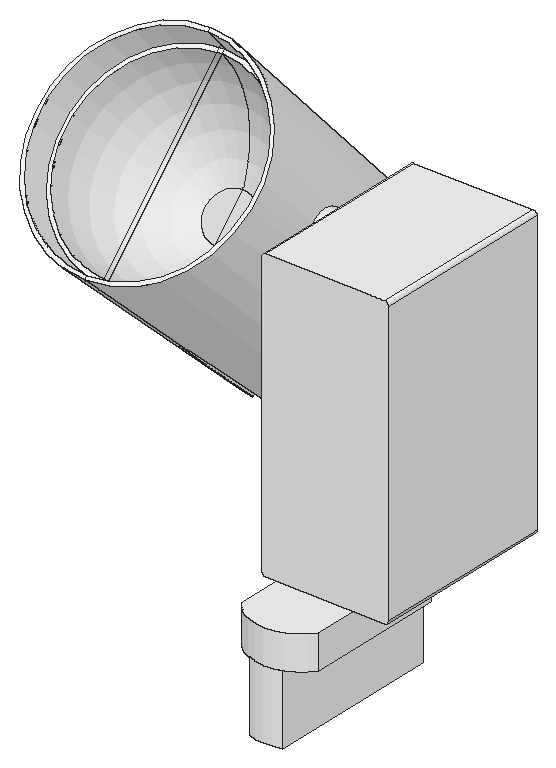
Revit family "0004873 Feilo Sylvania Lighting Fixture START TRACK SPOT S 14W 4K RA90 WB WHITE", category Lighting Fixtures, host Face, Revit 2017
Family settings
  Host = Face
  Round Connector Dimension = Use Diameter
  Part Type = Normal
  OmniClass Number = 23.80.70.00
  OmniClass Title = Lighting
  Cut with Voids When Loaded = No
  Light Source = No
  Shared = No
  Room Calculation Point = No
Parameters (values of type "0004873 START TRACK SPOT S 14W 4K RA90 WB WHITE")
  Weight = "0.94 kg"
  Wattage Comments = ""
  WarrantyStartDate [instance] = "n/a"
  WarrantyGuarantorParts = "n/a"
  WarrantyDurationUnit = "n/a"
  WarrantyDurationParts = "n/a"
  WarrantyDescription = "n/a"
  Voltage = 230 V
  URL = "http://www.sylvania-lighting.com"
  TypeName = "START TRACK SPOT S 14W 4K RA90 WB WHITE"
  TypeHead_FEILO = Start Track Spot Head : 0004873 START TRACK SPOT S 14W 4K RA90 WB WHITE
  TypeBox_FEILO = Start Track Spot Box : Type Small White
  Type Image = <None>
  Type Comments = "n/a"
  VerticalRotation_FEILO [instance] = 0.00°
  SlideEndAngle_FEILO [instance] = VerticalRotation_FEILO + 180.00°  # 180.00°
  SerialNumber [instance] = "n/a"
  Material_3_FEILO = none
  PowerFactor = 0.92
  PowerConsumption = "14 W"
  NominalLength = 0 mm
  NominalHeight = 200 mm
  NominalDepth = 140 mm
  Name = "START TRACK SPOT S 14W 4K RA90 WB WHITE"
  ModelReference = Name  # "START TRACK SPOT S 14W 4K RA90 WB WHITE"
  ModelNumber = "0004873"
  Model = Name  # "START TRACK SPOT S 14W 4K RA90 WB WHITE"
  Material = "adc12 aluminium housing, polycarbonate diffuser"
  ManufacturerName = "Feilo Sylvania"
  Manufacturer = "Feilo Sylvania"
  LuminousEfficacy = "97 lm/W"
  LuminaireType = ""
  LightOutputRatio = "100"
  LampsType = Lamp  # "LED"
  LampNominalLuminous = "1352 lm"
  LampMacAdamStep = "3"
  LampColourTemperature = "4000 K"
  LampColourRenderingIndex = "90"
  Lamp = "LED"
  Keynote = "16500"
  InstallationDate [instance] = "n/a"
  InputVoltage = "230-240V~"
  InputNominalFrequency = "50/60 Hz"
  IngressProtection = "IP20"
  ImpactProtectionIndex = "IK02"
  IfcExportType = "IfcLightFixtureType"
  IfcExportAs = "IfcLightFixtureType"
  HorizontalRotation_FEILO [instance] = 45.00°
  ExpectedLife = 50000
  ElectricShockClassification = "Class II"
  DurationUnit = "hours"
  DocumentationLiterature = "http://www.sylvania-lighting.com/product/en-int/products/0004873"
  DimmingControlOptions = "Non dimmable"
  Material_2_FEILO = none
  Description = "Integrated LED spotlight, Textured White - RAL9016, compact and minimalist design, ideal for retail applications, die-cast aluminium body, passive cooling heatsink. Beam angle: 64°, color temperature: 4000K , total system power: 14W, total fixture output: 1352 lm, LOR: 100%, colour rendering: Ra: 90 typical, LED Chromaticity: 3 step MacAdam ellipse, lifetime: >50000 hours at L70B50, energy class: A++, A+, A, IR/UV free light source without heat radiation, operating voltage: 220-240V / 50-60Hz, drive current: 350mA, electronic driver, non-dimmable, power factor: 0.92, electrical protection: Class II, Global Track 3 Phase adapter suitable for Global trac 3-circuit tracks, ingress protection rating: IP20, suitable for internal environment only, horizontal rotation: 355°, vertical tilt: 90°, dimensions: Ø86x140x200, weight: 0.940kg."
  Default Elevation = 1219.2 mm
  CreatedOn = "12/12/2017"
  CreatedBy = ""
  Cost = 0
  built-in parameter 1114216 [instance] = (empty or 0)
  ClassificationValue = "EF_70_80"
  ClassificationName = "Uniclass2015"
  Material_1_FEILO = Body-Sylvania-StartTrackSpot-White
  BarCode [instance] = "n/a"
  AssetType = "Fixed"
  AssetIdentifier [instance] = "n/a"
  Assembly Code = "D5020200"
  Apparent Load = 14 VA
  Material_4_FEILO = none
Reference planes
  plane 1 "Center (Front/Back)": y = 0
  plane 2: z = 0
  plane 3 "Center (Left/Right)": x = 0
  plane 4: x = 15
  plane 5: x = -15
  plane 6: y = 35
  plane 7: y = -35
  plane 8: z = 13
  plane 9: z = -27
  plane 10: x = 6.5
  plane 11: x = -6.5
  plane 12: y = 27
  plane 13: y = -27
  plane 14: y = 20
Forms (mm)
  Extrusion 1, solid, material "Body-Sylvania-StartTrackSpot-White" <- "Material_1_FEILO"
    sketch origin (0, 0, 0) x (1, 0, 0) y (0, 1, 0)
      loop
        line (-15, 27) -> (-15, -27)
        arc (-15, -27) -> (0, -35) -> (15, -27) r 18.062
        line (15, -27) -> (15, 27)
        arc (15, 27) -> (0, 35) -> (-15, 27) r 18.062
    from 0 to 13
  Extrusion 2, solid, material "Body-Sylvania-StartTrackSpot-White" <- "Material_1_FEILO"
    sketch origin (0, 0, 0) x (1, 0, 0) y (0, 1, 0)
      loop
        arc (6.5, 33.79) -> (0, 35) -> (-6.5, 33.79) r 18.062
        line (-6.5, 33.79) -> (-6.5, -33.79)
        arc (-6.5, -33.79) -> (0, -35) -> (6.5, -33.79) r 18.062
        line (6.5, -33.79) -> (6.5, 33.79)
    from 0 to -27
  Revolve 3, solid, not visible
    sketch origin (1524, 20, 1219.2) x (1, 0, 0) y (0, 0, 1)
      loop
        line (-1524, -1206.2) -> (-1524, -1191.285) -> (-1530.5, -1191.285) -> (-1530.5, -1206.2) -> (-1524, -1206.2)
      axis (-1524, -1191.285) -> (-1524, -1206.2)
    angle from 0 <- "VerticalRotation_FEILO" to 180 <- "SlideEndAngle_FEILO"
Cuts and joins
  joined: Extrusion 1, Extrusion 2
Dimensions and locks
  equal spacing: plane 10, plane 3 "Center (Left/Right)", plane 11
  equal spacing: plane 4, plane 3 "Center (Left/Right)", plane 5
  locked: plane 8 to plane 2 at 13
  locked: plane 8 to plane 9 at 40
  equal spacing: plane 13, plane 1 "Center (Front/Back)", plane 12
  locked: plane 12 to plane 6 at 8
  locked: plane 14 to plane 6 at 15
  locked: Revolve 3 sketch curve to plane 8 at 14.915
  aligned and locked: plane 2 to host face
  aligned and locked: level to host face
  aligned and locked: plane 5 to Extrusion 1 sketch curve  (x2)
  aligned and locked: plane 12 to Extrusion 1 sketch curve
  aligned and locked: plane 13 to Extrusion 1 sketch curve
  aligned and locked: plane 4 to Extrusion 1 sketch curve
  aligned and locked: Extrusion 1 to plane 8
  aligned and locked: Extrusion 1 to level
  aligned and locked: Extrusion 2 sketch curve to Extrusion 1  (x2)
  aligned and locked: Extrusion 2 sketch curve to plane 11
  aligned and locked: plane 10 to Extrusion 2 sketch curve
  aligned and locked: plane 9 to Extrusion 2
  aligned and locked: level to Extrusion 2
  aligned and locked: Revolve 3 sketch curve to plane 3 "Center (Left/Right)"  (x2)
  aligned and locked: plane 11 to Revolve 3 sketch curve
  aligned and locked: Revolve 3 sketch curve to plane 8
Automatic sketch dimensions
  host sketch curve to host sketch curve = 2438.4 mm  (x2)
  Extrusion 1 sketch curve to plane 3 "Center (Left/Right)" = 0 mm  (x2)
  Extrusion 1 sketch curve to plane 13 = 10.062 mm
  plane 12 to Extrusion 1 sketch curve = 10.062 mm
  Revolve 3 sketch curve to plane 3 "Center (Left/Right)" = 0 mm
  plane 9 to Revolve 3 sketch curve = 582.6 mm
  Revolve 3 sketch curve to Revolve 3 sketch curve = 2581.144 mm
Nested families
  nested 1: "Start Track Spot Head" at (-62, 20, 112.529) x (0, 0.7071, 0.7071) z (0, 0.7071, -0.7071), type <- "TypeHead_FEILO", type "0004873 START TRACK SPOT S 14W 4K RA90 WB WHITE"
    with built-in parameter 1114216 (empty or 0)
  nested 2: "Start Track Spot Box" at (8.5, 20, 73) x (-1, 0, 0) z (0, -1, 0), BoxStartAngle_FEILO <- "HorizontalRotation_FEILO", type <- "TypeBox_FEILO", type "Type Small White"
    with BoxStartAngle_FEILO 45.00°, BoxEndAngle_FEILO -135.00°
Connectors
  electrical at (0, 0, 0), driven by "Apparent Load", driven by "PowerFactor", driven by "Voltage"
    settings: index 1, voltage 230 V, apparent load 14 VA, apparent load phase1 0 VA, apparent load phase2 0 VA, apparent load phase3 0 VA, power factor 0.92, load classification "Lighting", number of poles 1, system type 30, power factor state 1, is connector primary yes, connector utility no, sub classification motor no, connector description ""
Definition of nested family "Start Track Spot Head"
  Parameters (values of type "0004811 START TRACK SPOT S 14W 3K RA80 NB WHITE")
    Wattage Comments = "n/a"
    Wattage = 14 W
    built-in parameter 1150110 = 1 (stored number, unit not read)
    URL = "http://www.feilosylvania.com"
    Type Image = (empty or 0)
    Type Comments = "n/a"
    built-in parameter 1114217 = 1 (stored number, unit not read)
    Tilt Angle = -90.00°
    built-in parameter 1150109 = 1 (stored number, unit not read)
    built-in parameter 1150134 = (empty or 0)
    built-in parameter 1150113 = 1 (stored number, unit not read)
    Photometric Web File = "0004811.ies"
    Material_3_FEILO = none
    Model = "START TRACK SPOT S 14W 3K RA80 NB WHITE"
    Manufacturer = "Feilo Sylvania"
    built-in parameter 1150105 = 123.66 (stored number, unit not read)
    Lumens = 1554 lm
    built-in parameter 1150115 = 1 (stored number, unit not read)
    built-in parameter 1150137 = (empty or 0)
    built-in parameter 1150139 = (empty or 0)
    built-in parameter 1150112 = 1 (stored number, unit not read)
    built-in parameter 1150114 = 1 (stored number, unit not read)
    Lamp = "LED"
    Keynote = "16500"
    Material_2_FEILO = none
    built-in parameter 1150132 = (empty or 0)
    built-in parameter 1150102 = (empty or 0)
    built-in parameter 1150107 = 3000 (stored number, unit not read)
    built-in parameter 1150138 = (empty or 0)
    built-in parameter 1150106 = 1.2366 (stored number, unit not read)
    HeadThickness_FEILO = if(HeadDiaOut_FEILO > 112 mm, 2 mm, 1.5 mm)  # 1.5 mm
    HeadRibOffset_FEILO = HeadHeight_FEILO / 28  # 4.179 mm
    HeadRibDepth_FEILO = HeadHeight_FEILO / 2.1  # 55.714 mm
    HeadRibCutWidth_FEILO = HeadDiaOut_FEILO / 12  # 7.167 mm
    HeadRibCutOffset_FEILO = HeadHeight_FEILO / 2.3  # 50.87 mm
    HeadReflectorRadius_FEILO = HeadDiaOut_FEILO / 1.7  # 50.588 mm
    HeadReflectorOffset_FEILO = HeadHeight_FEILO / 2.1  # 55.714 mm
    HeadLEDRadius_FEILO = HeadDiaOut_FEILO / 9  # 9.556 mm
    HeadHeight_FEILO = 117 mm
    HeadDraft_FEILO = 1 mm
    HeadDiffusorThickness_FEILO = 3 mm
    HeadDiffusorOffset_FEILO = HeadHeight_FEILO / 12.4  # 9.435 mm
    HeadDiaOut_FEILO = 86 mm
    HeadDiaIn_FEILO = HeadDiaOut_FEILO / 1.11  # 77.477 mm
    HeadAxisFromTop_FEILO = HeadHeight_FEILO / 1.687  # 69.354 mm
    Emit from Circle Diameter = HeadDiaIn_FEILO  # 77.477 mm
    Emit Shape Visible in Rendering = no
    built-in parameter 1150104 = 10.312 (stored number, unit not read)
    Dimming Lamp Color Temperature Shift = (empty or 0)
    Description = "Integrated LED spotlight, Textured White - RAL9016, compact and minimalist design, ideal for retail applications, die-cast aluminium body, passive cooling heatsink. Beam angle: 12°, color temperature: 3000K , total system power: 14W, total fixture output: 1551 lm, LOR: 100%, colour rendering: Ra: 80 typical, LED Chromaticity: 3 step MacAdam ellipse, lifetime: >50000 hours at L70B50, energy class: A++, A+, A, IR/UV free light source without heat radiation, operating voltage: 220-240V / 50-60Hz, drive current: 350mA, electronic driver, non-dimmable, power factor: 0.92, electrical protection: Class II, Global Track 3 Phase adapter suitable for Global trac 3-circuit tracks, ingress protection rating: IP20, suitable for internal environment only, horizontal rotation: 355°, vertical tilt: 90°, dimensions: Ø86x140x200, weight: 0.940kg."
    Default Elevation = 1219.2 mm
    Cost = 0
    Color Filter = 16777215
    built-in parameter 1114216 [instance] = (empty or 0)
    Material_1_FEILO = none
    built-in parameter 1114218 = 1 (stored number, unit not read)
    built-in parameter 1150133 = 10 (stored number, unit not read)
    Assembly Code = "D5020200"
    Apparent Load = 14 VA
    Material_4_FEILO = none
  Types (96, lengths in mm): name | Wattage | built-in parameter 1150134 | Photometric Web File | Model | built-in parameter 1150105 | Lumens | built-in parameter 1150107 | built-in parameter 1150106 | HeadThickness_FEILO | HeadRibOffset_FEILO | HeadRibDepth_FEILO | HeadRibCutWidth_FEILO | HeadRibCutOffset_FEILO | HeadReflectorRadius_FEILO | HeadReflectorOffset_FEILO | HeadLEDRadius_FEILO | HeadHeight_FEILO | HeadDiffusorOffset_FEILO | HeadDiaOut_FEILO | HeadDiaIn_FEILO | HeadAxisFromTop_FEILO | Emit from Circle Diameter | built-in parameter 1150104 | Description | Apparent Load
    0004906 START TRACK SPOT L 55W 4K RA90 WB BLACK | 55 W | 12 | "0004906.ies" | "START TRACK SPOT L 55W 4K RA90 WB BLACK" | 385.15 (stored number, unit not read) | 4840 lm | 4000 (stored number, unit not read) | 3.8515 (stored number, unit not read) | 2 | 4.429 | 59.048 | 9.417 | 53.913 | 66.471 | 59.048 | 12.556 | 124 | 10 | 113 | 101.802 | 73.503 | 101.802 | 8.1755 (stored number, unit not read) | "Integrated LED spotlight, Textured Black - RAL9005, compact and minimalist design, ideal for retail applications, die-cast aluminium body, passive cooling heatsink. Beam angle: 52°, color temperature: 4000K , total system power: 55W, total fixture output: 4824 lm, LOR: 100%, colour rendering: Ra: 90 typical, LED Chromaticity: 3 step MacAdam ellipse, lifetime: >50000 hours at L70B50, energy class: A++, A+, A, IR/UV free light source without heat radiation, operating voltage: 220-240V / 50-60Hz, drive current: 1400mA, electronic driver, non-dimmable, power factor: 0.96, electrical protection: Class II, Global Track 3 Phase adapter suitable for Global trac 3-circuit tracks, ingress protection rating: IP20, suitable for internal environment only, horizontal rotation: 355°, vertical tilt: 90°, dimensions: Ø113x164x240, weight: 1.398kg." | 55 VA
    0004905 START TRACK SPOT L 55W 4K RA90 MB BLACK | 55 W | 12 | "0004905.ies" | "START TRACK SPOT L 55W 4K RA90 MB BLACK" | 389.53 (stored number, unit not read) | 4895 lm | 4000 (stored number, unit not read) | 3.8953 (stored number, unit not read) | 2 | 4.429 | 59.048 | 9.417 | 53.913 | 66.471 | 59.048 | 12.556 | 124 | 10 | 113 | 101.802 | 73.503 | 101.802 | 8.2684 (stored number, unit not read) | "Integrated LED spotlight, Textured Black - RAL9005, compact and minimalist design, ideal for retail applications, die-cast aluminium body, passive cooling heatsink. Beam angle: 38°, color temperature: 4000K , total system power: 55W, total fixture output: 4897 lm, LOR: 100%, colour rendering: Ra: 90 typical, LED Chromaticity: 3 step MacAdam ellipse, lifetime: >50000 hours at L70B50, energy class: A++, A+, A, IR/UV free light source without heat radiation, operating voltage: 220-240V / 50-60Hz, drive current: 1400mA, electronic driver, non-dimmable, power factor: 0.96, electrical protection: Class II, Global Track 3 Phase adapter suitable for Global trac 3-circuit tracks, ingress protection rating: IP20, suitable for internal environment only, horizontal rotation: 355°, vertical tilt: 90°, dimensions: Ø113x164x240, weight: 1.398kg." | 55 VA
    0004904 START TRACK SPOT L 55W 4K RA90 NB BLACK | 55 W | 12 | "0004904.ies" | "START TRACK SPOT L 55W 4K RA90 NB BLACK" | 393.91 (stored number, unit not read) | 4950 lm | 4000 (stored number, unit not read) | 3.9391 (stored number, unit not read) | 2 | 4.429 | 59.048 | 9.417 | 53.913 | 66.471 | 59.048 | 12.556 | 124 | 10 | 113 | 101.802 | 73.503 | 101.802 | 8.3613 (stored number, unit not read) | "Integrated LED spotlight, Textured Black - RAL9005, compact and minimalist design, ideal for retail applications, die-cast aluminium body, passive cooling heatsink. Beam angle: 15°, color temperature: 4000K , total system power: 55W, total fixture output: 4965 lm, LOR: 100%, colour rendering: Ra: 90 typical, LED Chromaticity: 3 step MacAdam ellipse, lifetime: >50000 hours at L70B50, energy class: A++, A+, A, IR/UV free light source without heat radiation, operating voltage: 220-240V / 50-60Hz, drive current: 1400mA, electronic driver, non-dimmable, power factor: 0.96, electrical protection: Class II, Global Track 3 Phase adapter suitable for Global trac 3-circuit tracks, ingress protection rating: IP20, suitable for internal environment only, horizontal rotation: 355°, vertical tilt: 90°, dimensions: Ø113x164x240, weight: 1.398kg." | 55 VA
    0004903 START TRACK SPOT L 35W 4K RA90 WB BLACK | 35 W | 12 | "0004903.ies" | "START TRACK SPOT L 35W 4K RA90 WB BLACK" | 284.09 (stored number, unit not read) | 3570 lm | 4000 (stored number, unit not read) | 2.8409 (stored number, unit not read) | 2 | 4.429 | 59.048 | 9.417 | 53.913 | 66.471 | 59.048 | 12.556 | 124 | 10 | 113 | 101.802 | 73.503 | 101.802 | 9.4761 (stored number, unit not read) | "Integrated LED spotlight, Textured Black - RAL9005, compact and minimalist design, ideal for retail applications, die-cast aluminium body, passive cooling heatsink. Beam angle: 52°, color temperature: 4000K , total system power: 35W, total fixture output: 3562 lm, LOR: 100%, colour rendering: Ra: 90 typical, LED Chromaticity: 3 step MacAdam ellipse, lifetime: >50000 hours at L70B50, energy class: A++, A+, A, IR/UV free light source without heat radiation, operating voltage: 220-240V / 50-60Hz, drive current: 900mA, electronic driver, non-dimmable, power factor: 0.93, electrical protection: Class II, Global Track 3 Phase adapter suitable for Global trac 3-circuit tracks, ingress protection rating: IP20, suitable for internal environment only, horizontal rotation: 355°, vertical tilt: 90°, dimensions: Ø113x164x240, weight: 1.368kg." | 35 VA
    0004902 START TRACK SPOT L 35W 4K RA90 MB BLACK | 35 W | 12 | "0004902.ies" | "START TRACK SPOT L 35W 4K RA90 MB BLACK" | 286.88 (stored number, unit not read) | 3605 lm | 4000 (stored number, unit not read) | 2.8688 (stored number, unit not read) | 2 | 4.429 | 59.048 | 9.417 | 53.913 | 66.471 | 59.048 | 12.556 | 124 | 10 | 113 | 101.802 | 73.503 | 101.802 | 9.569 (stored number, unit not read) | "Integrated LED spotlight, Textured Black - RAL9005, compact and minimalist design, ideal for retail applications, die-cast aluminium body, passive cooling heatsink. Beam angle: 38°, color temperature: 4000K , total system power: 35W, total fixture output: 3616 lm, LOR: 100%, colour rendering: Ra: 90 typical, LED Chromaticity: 3 step MacAdam ellipse, lifetime: >50000 hours at L70B50, energy class: A++, A+, A, IR/UV free light source without heat radiation, operating voltage: 220-240V / 50-60Hz, drive current: 900mA, electronic driver, non-dimmable, power factor: 0.93, electrical protection: Class II, Global Track 3 Phase adapter suitable for Global trac 3-circuit tracks, ingress protection rating: IP20, suitable for internal environment only, horizontal rotation: 355°, vertical tilt: 90°, dimensions: Ø113x164x240, weight: 1.368kg." | 35 VA
    0004901 START TRACK SPOT L 35W 4K RA90 NB BLACK | 35 W | 12 | "0004901.ies" | "START TRACK SPOT L 35W 4K RA90 NB BLACK" | 286.88 (stored number, unit not read) | 3605 lm | 4000 (stored number, unit not read) | 2.8688 (stored number, unit not read) | 2 | 4.429 | 59.048 | 9.417 | 53.913 | 66.471 | 59.048 | 12.556 | 124 | 10 | 113 | 101.802 | 73.503 | 101.802 | 9.569 (stored number, unit not read) | "Integrated LED spotlight, Textured Black - RAL9005, compact and minimalist design, ideal for retail applications, die-cast aluminium body, passive cooling heatsink. Beam angle: 15°, color temperature: 4000K , total system power: 35W, total fixture output: 3593 lm, LOR: 100%, colour rendering: Ra: 90 typical, LED Chromaticity: 3 step MacAdam ellipse, lifetime: >50000 hours at L70B50, energy class: A++, A+, A, IR/UV free light source without heat radiation, operating voltage: 220-240V / 50-60Hz, drive current: 900mA, electronic driver, non-dimmable, power factor: 0.93, electrical protection: Class II, Global Track 3 Phase adapter suitable for Global trac 3-circuit tracks, ingress protection rating: IP20, suitable for internal environment only, horizontal rotation: 355°, vertical tilt: 90°, dimensions: Ø113x164x240, weight: 1.368kg." | 35 VA
    0004900 START TRACK SPOT S 24W 4K RA90 WB BLACK | 24 W | 12 | "0004900.ies" | "START TRACK SPOT S 24W 4K RA90 WB BLACK" | 166.16 (stored number, unit not read) | 2088 lm | 4000 (stored number, unit not read) | 1.6616 (stored number, unit not read) | 1.5 | 4.179 | 55.714 | 7.167 | 50.87 | 50.588 | 55.714 | 9.556 | 117 | 9.435 | 86 | 77.477 | 69.354 | 77.477 | 8.0826 (stored number, unit not read) | "Integrated LED spotlight, Textured Black - RAL9005, compact and minimalist design, ideal for retail applications, die-cast aluminium body, passive cooling heatsink. Beam angle: 64°, color temperature: 4000K , total system power: 24W, total fixture output: 2087 lm, LOR: 100%, colour rendering: Ra: 90 typical, LED Chromaticity: 3 step MacAdam ellipse, lifetime: >50000 hours at L70B50, energy class: A++, A+, A, IR/UV free light source without heat radiation, operating voltage: 220-240V / 50-60Hz, drive current: 600mA, electronic driver, non-dimmable, power factor: 0.95, electrical protection: Class II, Global Track 3 Phase adapter suitable for Global trac 3-circuit tracks, ingress protection rating: IP20, suitable for internal environment only, horizontal rotation: 355°, vertical tilt: 90°, dimensions: Ø86x140x200, weight: 0.966kg." | 24 VA
    0004899 START TRACK SPOT S 24W 4K RA90 MB BLACK | 24 W | 12 | "0004899.ies" | "START TRACK SPOT S 24W 4K RA90 MB BLACK" | 169.98 (stored number, unit not read) | 2136 lm | 4000 (stored number, unit not read) | 1.6998 (stored number, unit not read) | 1.5 | 4.179 | 55.714 | 7.167 | 50.87 | 50.588 | 55.714 | 9.556 | 117 | 9.435 | 86 | 77.477 | 69.354 | 77.477 | 8.2684 (stored number, unit not read) | "Integrated LED spotlight, Textured Black - RAL9005, compact and minimalist design, ideal for retail applications, die-cast aluminium body, passive cooling heatsink. Beam angle: 36°, color temperature: 4000K , total system power: 24W, total fixture output: 2141 lm, LOR: 100%, colour rendering: Ra: 90 typical, LED Chromaticity: 3 step MacAdam ellipse, lifetime: >50000 hours at L70B50, energy class: A++, A+, A, IR/UV free light source without heat radiation, operating voltage: 220-240V / 50-60Hz, drive current: 600mA, electronic driver, non-dimmable, power factor: 0.95, electrical protection: Class II, Global Track 3 Phase adapter suitable for Global trac 3-circuit tracks, ingress protection rating: IP20, suitable for internal environment only, horizontal rotation: 355°, vertical tilt: 90°, dimensions: Ø86x140x200, weight: 0.966kg." | 24 VA
    0004898 START TRACK SPOT S 24W 4K RA90 NB BLACK | 24 W | 12 | "0004898.ies" | "START TRACK SPOT S 24W 4K RA90 NB BLACK" | 171.89 (stored number, unit not read) | 2160 lm | 4000 (stored number, unit not read) | 1.7189 (stored number, unit not read) | 1.5 | 4.179 | 55.714 | 7.167 | 50.87 | 50.588 | 55.714 | 9.556 | 117 | 9.435 | 86 | 77.477 | 69.354 | 77.477 | 8.3613 (stored number, unit not read) | "Integrated LED spotlight, Textured Black - RAL9005, compact and minimalist design, ideal for retail applications, die-cast aluminium body, passive cooling heatsink. Beam angle: 12°, color temperature: 4000K , total system power: 24W, total fixture output: 2155 lm, LOR: 100%, colour rendering: Ra: 90 typical, LED Chromaticity: 3 step MacAdam ellipse, lifetime: >50000 hours at L70B50, energy class: A++, A+, A, IR/UV free light source without heat radiation, operating voltage: 220-240V / 50-60Hz, drive current: 600mA, electronic driver, non-dimmable, power factor: 0.95, electrical protection: Class II, Global Track 3 Phase adapter suitable for Global trac 3-circuit tracks, ingress protection rating: IP20, suitable for internal environment only, horizontal rotation: 355°, vertical tilt: 90°, dimensions: Ø86x140x200, weight: 0.966kg." | 24 VA
    0004897 START TRACK SPOT S 14W 4K RA90 WB BLACK | 14 W | 12 | "0004897.ies" | "START TRACK SPOT S 14W 4K RA90 WB BLACK" | 108.07 (stored number, unit not read) | 1358 lm | 4000 (stored number, unit not read) | 1.0807 (stored number, unit not read) | 1.5 | 4.179 | 55.714 | 7.167 | 50.87 | 50.588 | 55.714 | 9.556 | 117 | 9.435 | 86 | 77.477 | 69.354 | 77.477 | 9.0116 (stored number, unit not read) | "Integrated LED spotlight, Textured Black - RAL9005, compact and minimalist design, ideal for retail applications, die-cast aluminium body, passive cooling heatsink. Beam angle: 64°, color temperature: 4000K , total system power: 14W, total fixture output: 1352 lm, LOR: 100%, colour rendering: Ra: 90 typical, LED Chromaticity: 3 step MacAdam ellipse, lifetime: >50000 hours at L70B50, energy class: A++, A+, A, IR/UV free light source without heat radiation, operating voltage: 220-240V / 50-60Hz, drive current: 350mA, electronic driver, non-dimmable, power factor: 0.92, electrical protection: Class II, Global Track 3 Phase adapter suitable for Global trac 3-circuit tracks, ingress protection rating: IP20, suitable for internal environment only, horizontal rotation: 355°, vertical tilt: 90°, dimensions: Ø86x140x200, weight: 0.940kg." | 14 VA
    0004896 START TRACK SPOT S 14W 4K RA90 MB BLACK | 14 W | 12 | "0004896.ies" | "START TRACK SPOT S 14W 4K RA90 MB BLACK" | 108.07 (stored number, unit not read) | 1358 lm | 4000 (stored number, unit not read) | 1.0807 (stored number, unit not read) | 1.5 | 4.179 | 55.714 | 7.167 | 50.87 | 50.588 | 55.714 | 9.556 | 117 | 9.435 | 86 | 77.477 | 69.354 | 77.477 | 9.0116 (stored number, unit not read) | "Integrated LED spotlight, Textured Black - RAL9005, compact and minimalist design, ideal for retail applications, die-cast aluminium body, passive cooling heatsink. Beam angle: 36°, color temperature: 4000K , total system power: 14W, total fixture output: 1359 lm, LOR: 100%, colour rendering: Ra: 90 typical, LED Chromaticity: 3 step MacAdam ellipse, lifetime: >50000 hours at L70B50, energy class: A++, A+, A, IR/UV free light source without heat radiation, operating voltage: 220-240V / 50-60Hz, drive current: 350mA, electronic driver, non-dimmable, power factor: 0.92, electrical protection: Class II, Global Track 3 Phase adapter suitable for Global trac 3-circuit tracks, ingress protection rating: IP20, suitable for internal environment only, horizontal rotation: 355°, vertical tilt: 90°, dimensions: Ø86x140x200, weight: 0.940kg." | 14 VA
    0004895 START TRACK SPOT S 14W 4K RA90 NB BLACK | 14 W | 12 | "0004895.ies" | "START TRACK SPOT S 14W 4K RA90 NB BLACK" | 106.95 (stored number, unit not read) | 1344 lm | 4000 (stored number, unit not read) | 1.0695 (stored number, unit not read) | 1.5 | 4.179 | 55.714 | 7.167 | 50.87 | 50.588 | 55.714 | 9.556 | 117 | 9.435 | 86 | 77.477 | 69.354 | 77.477 | 8.9187 (stored number, unit not read) | "Integrated LED spotlight, Textured Black - RAL9005, compact and minimalist design, ideal for retail applications, die-cast aluminium body, passive cooling heatsink. Beam angle: 12°, color temperature: 4000K , total system power: 14W, total fixture output: 1349 lm, LOR: 100%, colour rendering: Ra: 90 typical, LED Chromaticity: 3 step MacAdam ellipse, lifetime: >50000 hours at L70B50, energy class: A++, A+, A, IR/UV free light source without heat radiation, operating voltage: 220-240V / 50-60Hz, drive current: 350mA, electronic driver, non-dimmable, power factor: 0.92, electrical protection: Class II, Global Track 3 Phase adapter suitable for Global trac 3-circuit tracks, ingress protection rating: IP20, suitable for internal environment only, horizontal rotation: 355°, vertical tilt: 90°, dimensions: Ø86x140x200, weight: 0.940kg." | 14 VA
    0004894 START TRACK SPOT L 55W 3K RA90 WB BLACK | 55 W | (empty or 0) | "0004894.ies" | "START TRACK SPOT L 55W 3K RA90 WB BLACK" | 350.14 (stored number, unit not read) | 4400 lm | 3000 (stored number, unit not read) | 3.5014 (stored number, unit not read) | 2 | 4.429 | 59.048 | 9.417 | 53.913 | 66.471 | 59.048 | 12.556 | 124 | 10 | 113 | 101.802 | 73.503 | 101.802 | 7.4322 (stored number, unit not read) | "Integrated LED spotlight, Textured Black - RAL9005, compact and minimalist design, ideal for retail applications, die-cast aluminium body, passive cooling heatsink. Beam angle: 52°, color temperature: 3000K , total system power: 55W, total fixture output: 4405 lm, LOR: 100%, colour rendering: Ra: 90 typical, LED Chromaticity: 3 step MacAdam ellipse, lifetime: >50000 hours at L70B50, energy class: A++, A+, A, IR/UV free light source without heat radiation, operating voltage: 220-240V / 50-60Hz, drive current: 1400mA, electronic driver, non-dimmable, power factor: 0.96, electrical protection: Class II, Global Track 3 Phase adapter suitable for Global trac 3-circuit tracks, ingress protection rating: IP20, suitable for internal environment only, horizontal rotation: 355°, vertical tilt: 90°, dimensions: Ø113x164x240, weight: 1.398kg." | 55 VA
    0004893 START TRACK SPOT L 55W 3K RA90 MB BLACK | 55 W | (empty or 0) | "0004893.ies" | "START TRACK SPOT L 55W 3K RA90 MB BLACK" | 354.52 (stored number, unit not read) | 4455 lm | 3000 (stored number, unit not read) | 3.5452 (stored number, unit not read) | 2 | 4.429 | 59.048 | 9.417 | 53.913 | 66.471 | 59.048 | 12.556 | 124 | 10 | 113 | 101.802 | 73.503 | 101.802 | 7.5251 (stored number, unit not read) | "Integrated LED spotlight, Textured Black - RAL9005, compact and minimalist design, ideal for retail applications, die-cast aluminium body, passive cooling heatsink. Beam angle: 38°, color temperature: 3000K , total system power: 55W, total fixture output: 4448 lm, LOR: 100%, colour rendering: Ra: 90 typical, LED Chromaticity: 3 step MacAdam ellipse, lifetime: >50000 hours at L70B50, energy class: A++, A+, A, IR/UV free light source without heat radiation, operating voltage: 220-240V / 50-60Hz, drive current: 1400mA, electronic driver, non-dimmable, power factor: 0.96, electrical protection: Class II, Global Track 3 Phase adapter suitable for Global trac 3-circuit tracks, ingress protection rating: IP20, suitable for internal environment only, horizontal rotation: 355°, vertical tilt: 90°, dimensions: Ø113x164x240, weight: 1.398kg." | 55 VA
    0004892 START TRACK SPOT L 55W 3K RA90 NB BLACK | 55 W | (empty or 0) | "0004892.ies" | "START TRACK SPOT L 55W 3K RA90 NB BLACK" | 350.14 (stored number, unit not read) | 4400 lm | 3000 (stored number, unit not read) | 3.5014 (stored number, unit not read) | 2 | 4.429 | 59.048 | 9.417 | 53.913 | 66.471 | 59.048 | 12.556 | 124 | 10 | 113 | 101.802 | 73.503 | 101.802 | 7.4322 (stored number, unit not read) | "Integrated LED spotlight, Textured Black - RAL9005, compact and minimalist design, ideal for retail applications, die-cast aluminium body, passive cooling heatsink. Beam angle: 15°, color temperature: 3000K , total system power: 55W, total fixture output: 4416 lm, LOR: 100%, colour rendering: Ra: 90 typical, LED Chromaticity: 3 step MacAdam ellipse, lifetime: >50000 hours at L70B50, energy class: A++, A+, A, IR/UV free light source without heat radiation, operating voltage: 220-240V / 50-60Hz, drive current: 1400mA, electronic driver, non-dimmable, power factor: 0.96, electrical protection: Class II, Global Track 3 Phase adapter suitable for Global trac 3-circuit tracks, ingress protection rating: IP20, suitable for internal environment only, horizontal rotation: 355°, vertical tilt: 90°, dimensions: Ø113x164x240, weight: 1.398kg." | 55 VA
    0004891 START TRACK SPOT L 35W 3K RA90 WB BLACK | 35 W | (empty or 0) | "0004891.ies" | "START TRACK SPOT L 35W 3K RA90 WB BLACK" | 259.02 (stored number, unit not read) | 3255 lm | 3000 (stored number, unit not read) | 2.5902 (stored number, unit not read) | 2 | 4.429 | 59.048 | 9.417 | 53.913 | 66.471 | 59.048 | 12.556 | 124 | 10 | 113 | 101.802 | 73.503 | 101.802 | 8.64 (stored number, unit not read) | "Integrated LED spotlight, Textured Black - RAL9005, compact and minimalist design, ideal for retail applications, die-cast aluminium body, passive cooling heatsink. Beam angle: 52°, color temperature: 3000K , total system power: 35W, total fixture output: 3260 lm, LOR: 100%, colour rendering: Ra: 90 typical, LED Chromaticity: 3 step MacAdam ellipse, lifetime: >50000 hours at L70B50, energy class: A++, A+, A, IR/UV free light source without heat radiation, operating voltage: 220-240V / 50-60Hz, drive current: 900mA, electronic driver, non-dimmable, power factor: 0.93, electrical protection: Class II, Global Track 3 Phase adapter suitable for Global trac 3-circuit tracks, ingress protection rating: IP20, suitable for internal environment only, horizontal rotation: 355°, vertical tilt: 90°, dimensions: Ø113x164x240, weight: 1.368kg." | 35 VA
    0004890 START TRACK SPOT L 35W 3K RA90 MB BLACK | 35 W | (empty or 0) | "0004890.ies" | "START TRACK SPOT L 35W 3K RA90 MB BLACK" | 261.81 (stored number, unit not read) | 3290 lm | 3000 (stored number, unit not read) | 2.6181 (stored number, unit not read) | 2 | 4.429 | 59.048 | 9.417 | 53.913 | 66.471 | 59.048 | 12.556 | 124 | 10 | 113 | 101.802 | 73.503 | 101.802 | 8.7329 (stored number, unit not read) | "Integrated LED spotlight, Textured Black - RAL9005, compact and minimalist design, ideal for retail applications, die-cast aluminium body, passive cooling heatsink. Beam angle: 38°, color temperature: 3000K , total system power: 35W, total fixture output: 3306 lm, LOR: 100%, colour rendering: Ra: 90 typical, LED Chromaticity: 3 step MacAdam ellipse, lifetime: >50000 hours at L70B50, energy class: A++, A+, A, IR/UV free light source without heat radiation, operating voltage: 220-240V / 50-60Hz, drive current: 900mA, electronic driver, non-dimmable, power factor: 0.93, electrical protection: Class II, Global Track 3 Phase adapter suitable for Global trac 3-circuit tracks, ingress protection rating: IP20, suitable for internal environment only, horizontal rotation: 355°, vertical tilt: 90°, dimensions: Ø113x164x240, weight: 1.368kg." | 35 VA
    0004889 START TRACK SPOT L 35W 3K RA90 NB BLACK | 35 W | (empty or 0) | "0004889.ies" | "START TRACK SPOT L 35W 3K RA90 NB BLACK" | 261.81 (stored number, unit not read) | 3290 lm | 3000 (stored number, unit not read) | 2.6181 (stored number, unit not read) | 2 | 4.429 | 59.048 | 9.417 | 53.913 | 66.471 | 59.048 | 12.556 | 124 | 10 | 113 | 101.802 | 73.503 | 101.802 | 8.7329 (stored number, unit not read) | "Integrated LED spotlight, Textured Black - RAL9005, compact and minimalist design, ideal for retail applications, die-cast aluminium body, passive cooling heatsink. Beam angle: 15°, color temperature: 3000K , total system power: 35W, total fixture output: 3287 lm, LOR: 100%, colour rendering: Ra: 90 typical, LED Chromaticity: 3 step MacAdam ellipse, lifetime: >50000 hours at L70B50, energy class: A++, A+, A, IR/UV free light source without heat radiation, operating voltage: 220-240V / 50-60Hz, drive current: 900mA, electronic driver, non-dimmable, power factor: 0.93, electrical protection: Class II, Global Track 3 Phase adapter suitable for Global trac 3-circuit tracks, ingress protection rating: IP20, suitable for internal environment only, horizontal rotation: 355°, vertical tilt: 90°, dimensions: Ø113x164x240, weight: 1.368kg." | 35 VA
    0004888 START TRACK SPOT S 24W 3K RA90 WB BLACK | 24 W | (empty or 0) | "0004888.ies" | "START TRACK SPOT S 24W 3K RA90 WB BLACK" | 152.79 (stored number, unit not read) | 1920 lm | 3000 (stored number, unit not read) | 1.5279 (stored number, unit not read) | 1.5 | 4.179 | 55.714 | 7.167 | 50.87 | 50.588 | 55.714 | 9.556 | 117 | 9.435 | 86 | 77.477 | 69.354 | 77.477 | 7.4322 (stored number, unit not read) | "Integrated LED spotlight, Textured Black - RAL9005, compact and minimalist design, ideal for retail applications, die-cast aluminium body, passive cooling heatsink. Beam angle: 64°, color temperature: 3000K , total system power: 24W, total fixture output: 1928 lm, LOR: 100%, colour rendering: Ra: 90 typical, LED Chromaticity: 3 step MacAdam ellipse, lifetime: >50000 hours at L70B50, energy class: A++, A+, A, IR/UV free light source without heat radiation, operating voltage: 220-240V / 50-60Hz, drive current: 600mA, electronic driver, non-dimmable, power factor: 0.95, electrical protection: Class II, Global Track 3 Phase adapter suitable for Global trac 3-circuit tracks, ingress protection rating: IP20, suitable for internal environment only, horizontal rotation: 355°, vertical tilt: 90°, dimensions: Ø86x140x200, weight: 0.966kg." | 24 VA
    0004887 START TRACK SPOT S 24W 3K RA90 MB BLACK | 24 W | (empty or 0) | "0004887.ies" | "START TRACK SPOT S 24W 3K RA90 MB BLACK" | 154.7 (stored number, unit not read) | 1944 lm | 3000 (stored number, unit not read) | 1.547 (stored number, unit not read) | 1.5 | 4.179 | 55.714 | 7.167 | 50.87 | 50.588 | 55.714 | 9.556 | 117 | 9.435 | 86 | 77.477 | 69.354 | 77.477 | 7.5251 (stored number, unit not read) | "Integrated LED spotlight, Textured Black - RAL9005, compact and minimalist design, ideal for retail applications, die-cast aluminium body, passive cooling heatsink. Beam angle: 36°, color temperature: 3000K , total system power: 24W, total fixture output: 1944 lm, LOR: 100%, colour rendering: Ra: 90 typical, LED Chromaticity: 3 step MacAdam ellipse, lifetime: >50000 hours at L70B50, energy class: A++, A+, A, IR/UV free light source without heat radiation, operating voltage: 220-240V / 50-60Hz, drive current: 600mA, electronic driver, non-dimmable, power factor: 0.95, electrical protection: Class II, Global Track 3 Phase adapter suitable for Global trac 3-circuit tracks, ingress protection rating: IP20, suitable for internal environment only, horizontal rotation: 355°, vertical tilt: 90°, dimensions: Ø86x140x200, weight: 0.966kg." | 24 VA
    0004886 START TRACK SPOT S 24W 3K RA90 NB BLACK | 24 W | (empty or 0) | "0004886.ies" | "START TRACK SPOT S 24W 3K RA90 NB BLACK" | 158.52 (stored number, unit not read) | 1992 lm | 3000 (stored number, unit not read) | 1.5852 (stored number, unit not read) | 1.5 | 4.179 | 55.714 | 7.167 | 50.87 | 50.588 | 55.714 | 9.556 | 117 | 9.435 | 86 | 77.477 | 69.354 | 77.477 | 7.711 (stored number, unit not read) | "Integrated LED spotlight, Textured Black - RAL9005, compact and minimalist design, ideal for retail applications, die-cast aluminium body, passive cooling heatsink. Beam angle: 12°, color temperature: 3000K , total system power: 24W, total fixture output: 1987 lm, LOR: 100%, colour rendering: Ra: 90 typical, LED Chromaticity: 3 step MacAdam ellipse, lifetime: >50000 hours at L70B50, energy class: A++, A+, A, IR/UV free light source without heat radiation, operating voltage: 220-240V / 50-60Hz, drive current: 600mA, electronic driver, non-dimmable, power factor: 0.95, electrical protection: Class II, Global Track 3 Phase adapter suitable for Global trac 3-circuit tracks, ingress protection rating: IP20, suitable for internal environment only, horizontal rotation: 355°, vertical tilt: 90°, dimensions: Ø86x140x200, weight: 0.966kg." | 24 VA
    0004885 START TRACK SPOT S 14W 3K RA90 WB BLACK | 14 W | (empty or 0) | "0004885.ies" | "START TRACK SPOT S 14W 3K RA90 WB BLACK" | 100.27 (stored number, unit not read) | 1260 lm | 3000 (stored number, unit not read) | 1.0027 (stored number, unit not read) | 1.5 | 4.179 | 55.714 | 7.167 | 50.87 | 50.588 | 55.714 | 9.556 | 117 | 9.435 | 86 | 77.477 | 69.354 | 77.477 | 8.3613 (stored number, unit not read) | "Integrated LED spotlight, Textured Black - RAL9005, compact and minimalist design, ideal for retail applications, die-cast aluminium body, passive cooling heatsink. Beam angle: 64°, color temperature: 3000K , total system power: 14W, total fixture output: 1262 lm, LOR: 100%, colour rendering: Ra: 90 typical, LED Chromaticity: 3 step MacAdam ellipse, lifetime: >50000 hours at L70B50, energy class: A++, A+, A, IR/UV free light source without heat radiation, operating voltage: 220-240V / 50-60Hz, drive current: 350mA, electronic driver, non-dimmable, power factor: 0.92, electrical protection: Class II, Global Track 3 Phase adapter suitable for Global trac 3-circuit tracks, ingress protection rating: IP20, suitable for internal environment only, horizontal rotation: 355°, vertical tilt: 90°, dimensions: Ø86x140x200, weight: 0.940kg." | 14 VA
    0004884 START TRACK SPOT S 14W 3K RA90 MB BLACK | 14 W | (empty or 0) | "0004884.ies" | "START TRACK SPOT S 14W 3K RA90 MB BLACK" | 100.27 (stored number, unit not read) | 1260 lm | 3000 (stored number, unit not read) | 1.0027 (stored number, unit not read) | 1.5 | 4.179 | 55.714 | 7.167 | 50.87 | 50.588 | 55.714 | 9.556 | 117 | 9.435 | 86 | 77.477 | 69.354 | 77.477 | 8.3613 (stored number, unit not read) | "Integrated LED spotlight, Textured Black - RAL9005, compact and minimalist design, ideal for retail applications, die-cast aluminium body, passive cooling heatsink. Beam angle: 36°, color temperature: 3000K , total system power: 14W, total fixture output: 1262 lm, LOR: 100%, colour rendering: Ra: 90 typical, LED Chromaticity: 3 step MacAdam ellipse, lifetime: >50000 hours at L70B50, energy class: A++, A+, A, IR/UV free light source without heat radiation, operating voltage: 220-240V / 50-60Hz, drive current: 350mA, electronic driver, non-dimmable, power factor: 0.92, electrical protection: Class II, Global Track 3 Phase adapter suitable for Global trac 3-circuit tracks, ingress protection rating: IP20, suitable for internal environment only, horizontal rotation: 355°, vertical tilt: 90°, dimensions: Ø86x140x200, weight: 0.940kg." | 14 VA
    0004883 START TRACK SPOT S 14W 3K RA90 NB BLACK | 14 W | (empty or 0) | "0004883.ies" | "START TRACK SPOT S 14W 3K RA90 NB BLACK" | 102.5 (stored number, unit not read) | 1288 lm | 3000 (stored number, unit not read) | 1.025 (stored number, unit not read) | 1.5 | 4.179 | 55.714 | 7.167 | 50.87 | 50.588 | 55.714 | 9.556 | 117 | 9.435 | 86 | 77.477 | 69.354 | 77.477 | 8.5471 (stored number, unit not read) | "Integrated LED spotlight, Textured Black - RAL9005, compact and minimalist design, ideal for retail applications, die-cast aluminium body, passive cooling heatsink. Beam angle: 12°, color temperature: 3000K , total system power: 14W, total fixture output: 1284 lm, LOR: 100%, colour rendering: Ra: 90 typical, LED Chromaticity: 3 step MacAdam ellipse, lifetime: >50000 hours at L70B50, energy class: A++, A+, A, IR/UV free light source without heat radiation, operating voltage: 220-240V / 50-60Hz, drive current: 350mA, electronic driver, non-dimmable, power factor: 0.92, electrical protection: Class II, Global Track 3 Phase adapter suitable for Global trac 3-circuit tracks, ingress protection rating: IP20, suitable for internal environment only, horizontal rotation: 355°, vertical tilt: 90°, dimensions: Ø86x140x200, weight: 0.940kg." | 14 VA
    0004882 START TRACK SPOT L 55W 4K RA90 WB WHITE | 55 W | 12 | "0004882.ies" | "START TRACK SPOT L 55W 4K RA90 WB WHITE" | 385.15 (stored number, unit not read) | 4840 lm | 4000 (stored number, unit not read) | 3.8515 (stored number, unit not read) | 2 | 4.429 | 59.048 | 9.417 | 53.913 | 66.471 | 59.048 | 12.556 | 124 | 10 | 113 | 101.802 | 73.503 | 101.802 | 8.1755 (stored number, unit not read) | "Integrated LED spotlight, Textured White - RAL9016, compact and minimalist design, ideal for retail applications, die-cast aluminium body, passive cooling heatsink. Beam angle: 52°, color temperature: 4000K , total system power: 55W, total fixture output: 4824 lm, LOR: 100%, colour rendering: Ra: 90 typical, LED Chromaticity: 3 step MacAdam ellipse, lifetime: >50000 hours at L70B50, energy class: A++, A+, A, IR/UV free light source without heat radiation, operating voltage: 220-240V / 50-60Hz, drive current: 1400mA, electronic driver, non-dimmable, power factor: 0.96, electrical protection: Class II, Global Track 3 Phase adapter suitable for Global trac 3-circuit tracks, ingress protection rating: IP20, suitable for internal environment only, horizontal rotation: 355°, vertical tilt: 90°, dimensions: Ø113x164x240, weight: 1.398kg." | 55 VA
    0004881 START TRACK SPOT L 55W 4K RA90 MB WHITE | 55 W | 12 | "0004881.ies" | "START TRACK SPOT L 55W 4K RA90 MB WHITE" | 389.53 (stored number, unit not read) | 4895 lm | 4000 (stored number, unit not read) | 3.8953 (stored number, unit not read) | 2 | 4.429 | 59.048 | 9.417 | 53.913 | 66.471 | 59.048 | 12.556 | 124 | 10 | 113 | 101.802 | 73.503 | 101.802 | 8.2684 (stored number, unit not read) | "Integrated LED spotlight, Textured White - RAL9016, compact and minimalist design, ideal for retail applications, die-cast aluminium body, passive cooling heatsink. Beam angle: 38°, color temperature: 4000K , total system power: 55W, total fixture output: 4897 lm, LOR: 100%, colour rendering: Ra: 90 typical, LED Chromaticity: 3 step MacAdam ellipse, lifetime: >50000 hours at L70B50, energy class: A++, A+, A, IR/UV free light source without heat radiation, operating voltage: 220-240V / 50-60Hz, drive current: 1400mA, electronic driver, non-dimmable, power factor: 0.96, electrical protection: Class II, Global Track 3 Phase adapter suitable for Global trac 3-circuit tracks, ingress protection rating: IP20, suitable for internal environment only, horizontal rotation: 355°, vertical tilt: 90°, dimensions: Ø113x164x240, weight: 1.398kg." | 55 VA
    0004880 START TRACK SPOT L 55W 4K RA90 NB WHITE | 55 W | 12 | "0004880.ies" | "START TRACK SPOT L 55W 4K RA90 NB WHITE" | 393.91 (stored number, unit not read) | 4950 lm | 4000 (stored number, unit not read) | 3.9391 (stored number, unit not read) | 2 | 4.429 | 59.048 | 9.417 | 53.913 | 66.471 | 59.048 | 12.556 | 124 | 10 | 113 | 101.802 | 73.503 | 101.802 | 8.3613 (stored number, unit not read) | "Integrated LED spotlight, Textured White - RAL9016, compact and minimalist design, ideal for retail applications, die-cast aluminium body, passive cooling heatsink. Beam angle: 15°, color temperature: 4000K , total system power: 55W, total fixture output: 4965 lm, LOR: 100%, colour rendering: Ra: 90 typical, LED Chromaticity: 3 step MacAdam ellipse, lifetime: >50000 hours at L70B50, energy class: A++, A+, A, IR/UV free light source without heat radiation, operating voltage: 220-240V / 50-60Hz, drive current: 1400mA, electronic driver, non-dimmable, power factor: 0.96, electrical protection: Class II, Global Track 3 Phase adapter suitable for Global trac 3-circuit tracks, ingress protection rating: IP20, suitable for internal environment only, horizontal rotation: 355°, vertical tilt: 90°, dimensions: Ø113x164x240, weight: 1.398kg." | 55 VA
    0004879 START TRACK SPOT L 35W 4K RA90 WB WHITE | 35 W | 12 | "0004879.ies" | "START TRACK SPOT L 35W 4K RA90 WB WHITE" | 284.09 (stored number, unit not read) | 3570 lm | 4000 (stored number, unit not read) | 2.8409 (stored number, unit not read) | 2 | 4.429 | 59.048 | 9.417 | 53.913 | 66.471 | 59.048 | 12.556 | 124 | 10 | 113 | 101.802 | 73.503 | 101.802 | 9.4761 (stored number, unit not read) | "Integrated LED spotlight, Textured White - RAL9016, compact and minimalist design, ideal for retail applications, die-cast aluminium body, passive cooling heatsink. Beam angle: 52°, color temperature: 4000K , total system power: 35W, total fixture output: 3562 lm, LOR: 100%, colour rendering: Ra: 90 typical, LED Chromaticity: 3 step MacAdam ellipse, lifetime: >50000 hours at L70B50, energy class: A++, A+, A, IR/UV free light source without heat radiation, operating voltage: 220-240V / 50-60Hz, drive current: 900mA, electronic driver, non-dimmable, power factor: 0.93, electrical protection: Class II, Global Track 3 Phase adapter suitable for Global trac 3-circuit tracks, ingress protection rating: IP20, suitable for internal environment only, horizontal rotation: 355°, vertical tilt: 90°, dimensions: Ø113x164x240, weight: 1.368kg." | 35 VA
    0004878 START TRACK SPOT L 35W 4K RA90 MB WHITE | 35 W | 12 | "0004878.ies" | "START TRACK SPOT L 35W 4K RA90 MB WHITE" | 286.88 (stored number, unit not read) | 3605 lm | 4000 (stored number, unit not read) | 2.8688 (stored number, unit not read) | 2 | 4.429 | 59.048 | 9.417 | 53.913 | 66.471 | 59.048 | 12.556 | 124 | 10 | 113 | 101.802 | 73.503 | 101.802 | 9.569 (stored number, unit not read) | "Integrated LED spotlight, Textured White - RAL9016, compact and minimalist design, ideal for retail applications, die-cast aluminium body, passive cooling heatsink. Beam angle: 38°, color temperature: 4000K , total system power: 35W, total fixture output: 3616 lm, LOR: 100%, colour rendering: Ra: 90 typical, LED Chromaticity: 3 step MacAdam ellipse, lifetime: >50000 hours at L70B50, energy class: A++, A+, A, IR/UV free light source without heat radiation, operating voltage: 220-240V / 50-60Hz, drive current: 900mA, electronic driver, non-dimmable, power factor: 0.93, electrical protection: Class II, Global Track 3 Phase adapter suitable for Global trac 3-circuit tracks, ingress protection rating: IP20, suitable for internal environment only, horizontal rotation: 355°, vertical tilt: 90°, dimensions: Ø113x164x240, weight: 1.368kg." | 35 VA
    0004877 START TRACK SPOT L 35W 4K RA90 NB WHITE | 35 W | 12 | "0004877.ies" | "START TRACK SPOT L 35W 4K RA90 NB WHITE" | 286.88 (stored number, unit not read) | 3605 lm | 4000 (stored number, unit not read) | 2.8688 (stored number, unit not read) | 2 | 4.429 | 59.048 | 9.417 | 53.913 | 66.471 | 59.048 | 12.556 | 124 | 10 | 113 | 101.802 | 73.503 | 101.802 | 9.569 (stored number, unit not read) | "Integrated LED spotlight, Textured White - RAL9016, compact and minimalist design, ideal for retail applications, die-cast aluminium body, passive cooling heatsink. Beam angle: 15°, color temperature: 4000K , total system power: 35W, total fixture output: 3593 lm, LOR: 100%, colour rendering: Ra: 90 typical, LED Chromaticity: 3 step MacAdam ellipse, lifetime: >50000 hours at L70B50, energy class: A++, A+, A, IR/UV free light source without heat radiation, operating voltage: 220-240V / 50-60Hz, drive current: 900mA, electronic driver, non-dimmable, power factor: 0.93, electrical protection: Class II, Global Track 3 Phase adapter suitable for Global trac 3-circuit tracks, ingress protection rating: IP20, suitable for internal environment only, horizontal rotation: 355°, vertical tilt: 90°, dimensions: Ø113x164x240, weight: 1.368kg." | 35 VA
    0004876 START TRACK SPOT S 24W 4K RA90 WB WHITE | 24 W | 12 | "0004876.ies" | "START TRACK SPOT S 24W 4K RA90 WB WHITE" | 166.16 (stored number, unit not read) | 2088 lm | 4000 (stored number, unit not read) | 1.6616 (stored number, unit not read) | 1.5 | 4.179 | 55.714 | 7.167 | 50.87 | 50.588 | 55.714 | 9.556 | 117 | 9.435 | 86 | 77.477 | 69.354 | 77.477 | 8.0826 (stored number, unit not read) | "Integrated LED spotlight, Textured White - RAL9016, compact and minimalist design, ideal for retail applications, die-cast aluminium body, passive cooling heatsink. Beam angle: 64°, color temperature: 4000K , total system power: 24W, total fixture output: 2087 lm, LOR: 100%, colour rendering: Ra: 90 typical, LED Chromaticity: 3 step MacAdam ellipse, lifetime: >50000 hours at L70B50, energy class: A++, A+, A, IR/UV free light source without heat radiation, operating voltage: 220-240V / 50-60Hz, drive current: 600mA, electronic driver, non-dimmable, power factor: 0.95, electrical protection: Class II, Global Track 3 Phase adapter suitable for Global trac 3-circuit tracks, ingress protection rating: IP20, suitable for internal environment only, horizontal rotation: 355°, vertical tilt: 90°, dimensions: Ø86x140x200, weight: 0.966kg." | 24 VA
    0004875 START TRACK SPOT S 24W 4K RA90 MB WHITE | 24 W | 12 | "0004875.ies" | "START TRACK SPOT S 24W 4K RA90 MB WHITE" | 169.98 (stored number, unit not read) | 2136 lm | 4000 (stored number, unit not read) | 1.6998 (stored number, unit not read) | 1.5 | 4.179 | 55.714 | 7.167 | 50.87 | 50.588 | 55.714 | 9.556 | 117 | 9.435 | 86 | 77.477 | 69.354 | 77.477 | 8.2684 (stored number, unit not read) | "Integrated LED spotlight, Textured White - RAL9016, compact and minimalist design, ideal for retail applications, die-cast aluminium body, passive cooling heatsink. Beam angle: 36°, color temperature: 4000K , total system power: 24W, total fixture output: 2141 lm, LOR: 100%, colour rendering: Ra: 90 typical, LED Chromaticity: 3 step MacAdam ellipse, lifetime: >50000 hours at L70B50, energy class: A++, A+, A, IR/UV free light source without heat radiation, operating voltage: 220-240V / 50-60Hz, drive current: 600mA, electronic driver, non-dimmable, power factor: 0.95, electrical protection: Class II, Global Track 3 Phase adapter suitable for Global trac 3-circuit tracks, ingress protection rating: IP20, suitable for internal environment only, horizontal rotation: 355°, vertical tilt: 90°, dimensions: Ø86x140x200, weight: 0.966kg." | 24 VA
    0004874 START TRACK SPOT S 24W 4K RA90 NB WHITE | 24 W | 12 | "0004874.ies" | "START TRACK SPOT S 24W 4K RA90 NB WHITE" | 171.89 (stored number, unit not read) | 2160 lm | 4000 (stored number, unit not read) | 1.7189 (stored number, unit not read) | 1.5 | 4.179 | 55.714 | 7.167 | 50.87 | 50.588 | 55.714 | 9.556 | 117 | 9.435 | 86 | 77.477 | 69.354 | 77.477 | 8.3613 (stored number, unit not read) | "Integrated LED spotlight, Textured White - RAL9016, compact and minimalist design, ideal for retail applications, die-cast aluminium body, passive cooling heatsink. Beam angle: 12°, color temperature: 4000K , total system power: 24W, total fixture output: 2155 lm, LOR: 100%, colour rendering: Ra: 90 typical, LED Chromaticity: 3 step MacAdam ellipse, lifetime: >50000 hours at L70B50, energy class: A++, A+, A, IR/UV free light source without heat radiation, operating voltage: 220-240V / 50-60Hz, drive current: 600mA, electronic driver, non-dimmable, power factor: 0.95, electrical protection: Class II, Global Track 3 Phase adapter suitable for Global trac 3-circuit tracks, ingress protection rating: IP20, suitable for internal environment only, horizontal rotation: 355°, vertical tilt: 90°, dimensions: Ø86x140x200, weight: 0.966kg." | 24 VA
    0004873 START TRACK SPOT S 14W 4K RA90 WB WHITE | 14 W | 12 | "0004873.ies" | "START TRACK SPOT S 14W 4K RA90 WB WHITE" | 108.07 (stored number, unit not read) | 1358 lm | 4000 (stored number, unit not read) | 1.0807 (stored number, unit not read) | 1.5 | 4.179 | 55.714 | 7.167 | 50.87 | 50.588 | 55.714 | 9.556 | 117 | 9.435 | 86 | 77.477 | 69.354 | 77.477 | 9.0116 (stored number, unit not read) | "Integrated LED spotlight, Textured White - RAL9016, compact and minimalist design, ideal for retail applications, die-cast aluminium body, passive cooling heatsink. Beam angle: 64°, color temperature: 4000K , total system power: 14W, total fixture output: 1352 lm, LOR: 100%, colour rendering: Ra: 90 typical, LED Chromaticity: 3 step MacAdam ellipse, lifetime: >50000 hours at L70B50, energy class: A++, A+, A, IR/UV free light source without heat radiation, operating voltage: 220-240V / 50-60Hz, drive current: 350mA, electronic driver, non-dimmable, power factor: 0.92, electrical protection: Class II, Global Track 3 Phase adapter suitable for Global trac 3-circuit tracks, ingress protection rating: IP20, suitable for internal environment only, horizontal rotation: 355°, vertical tilt: 90°, dimensions: Ø86x140x200, weight: 0.940kg." | 14 VA
    0004872 START TRACK SPOT S 14W 4K RA90 MB WHITE | 14 W | 12 | "0004872.ies" | "START TRACK SPOT S 14W 4K RA90 MB WHITE" | 108.07 (stored number, unit not read) | 1358 lm | 4000 (stored number, unit not read) | 1.0807 (stored number, unit not read) | 1.5 | 4.179 | 55.714 | 7.167 | 50.87 | 50.588 | 55.714 | 9.556 | 117 | 9.435 | 86 | 77.477 | 69.354 | 77.477 | 9.0116 (stored number, unit not read) | "Integrated LED spotlight, Textured White - RAL9016, compact and minimalist design, ideal for retail applications, die-cast aluminium body, passive cooling heatsink. Beam angle: 36°, color temperature: 4000K , total system power: 14W, total fixture output: 1359 lm, LOR: 100%, colour rendering: Ra: 90 typical, LED Chromaticity: 3 step MacAdam ellipse, lifetime: >50000 hours at L70B50, energy class: A++, A+, A, IR/UV free light source without heat radiation, operating voltage: 220-240V / 50-60Hz, drive current: 350mA, electronic driver, non-dimmable, power factor: 0.92, electrical protection: Class II, Global Track 3 Phase adapter suitable for Global trac 3-circuit tracks, ingress protection rating: IP20, suitable for internal environment only, horizontal rotation: 355°, vertical tilt: 90°, dimensions: Ø86x140x200, weight: 0.940kg." | 14 VA
    0004871 START TRACK SPOT S 14W 4K RA90 NB WHITE | 14 W | 12 | "0004871.ies" | "START TRACK SPOT S 14W 4K RA90 NB WHITE" | 106.95 (stored number, unit not read) | 1344 lm | 4000 (stored number, unit not read) | 1.0695 (stored number, unit not read) | 1.5 | 4.179 | 55.714 | 7.167 | 50.87 | 50.588 | 55.714 | 9.556 | 117 | 9.435 | 86 | 77.477 | 69.354 | 77.477 | 8.9187 (stored number, unit not read) | "Integrated LED spotlight, Textured White - RAL9016, compact and minimalist design, ideal for retail applications, die-cast aluminium body, passive cooling heatsink. Beam angle: 12°, color temperature: 4000K , total system power: 14W, total fixture output: 1349 lm, LOR: 100%, colour rendering: Ra: 90 typical, LED Chromaticity: 3 step MacAdam ellipse, lifetime: >50000 hours at L70B50, energy class: A++, A+, A, IR/UV free light source without heat radiation, operating voltage: 220-240V / 50-60Hz, drive current: 350mA, electronic driver, non-dimmable, power factor: 0.92, electrical protection: Class II, Global Track 3 Phase adapter suitable for Global trac 3-circuit tracks, ingress protection rating: IP20, suitable for internal environment only, horizontal rotation: 355°, vertical tilt: 90°, dimensions: Ø86x140x200, weight: 0.940kg." | 14 VA
    0004870 START TRACK SPOT L 55W 3K RA90 WB WHITE | 55 W | (empty or 0) | "0004870.ies" | "START TRACK SPOT L 55W 3K RA90 WB WHITE" | 350.14 (stored number, unit not read) | 4400 lm | 3000 (stored number, unit not read) | 3.5014 (stored number, unit not read) | 2 | 4.429 | 59.048 | 9.417 | 53.913 | 66.471 | 59.048 | 12.556 | 124 | 10 | 113 | 101.802 | 73.503 | 101.802 | 7.4322 (stored number, unit not read) | "Integrated LED spotlight, Textured White - RAL9016, compact and minimalist design, ideal for retail applications, die-cast aluminium body, passive cooling heatsink. Beam angle: 52°, color temperature: 3000K , total system power: 55W, total fixture output: 4405 lm, LOR: 100%, colour rendering: Ra: 90 typical, LED Chromaticity: 3 step MacAdam ellipse, lifetime: >50000 hours at L70B50, energy class: A++, A+, A, IR/UV free light source without heat radiation, operating voltage: 220-240V / 50-60Hz, drive current: 1400mA, electronic driver, non-dimmable, power factor: 0.96, electrical protection: Class II, Global Track 3 Phase adapter suitable for Global trac 3-circuit tracks, ingress protection rating: IP20, suitable for internal environment only, horizontal rotation: 355°, vertical tilt: 90°, dimensions: Ø113x164x240, weight: 1.398kg." | 55 VA
    0004869 START TRACK SPOT L 55W 3K RA90 MB WHITE | 55 W | (empty or 0) | "0004869.ies" | "START TRACK SPOT L 55W 3K RA90 MB WHITE" | 354.52 (stored number, unit not read) | 4455 lm | 3000 (stored number, unit not read) | 3.5452 (stored number, unit not read) | 2 | 4.429 | 59.048 | 9.417 | 53.913 | 66.471 | 59.048 | 12.556 | 124 | 10 | 113 | 101.802 | 73.503 | 101.802 | 7.5251 (stored number, unit not read) | "Integrated LED spotlight, Textured White - RAL9016, compact and minimalist design, ideal for retail applications, die-cast aluminium body, passive cooling heatsink. Beam angle: 38°, color temperature: 3000K , total system power: 55W, total fixture output: 4448 lm, LOR: 100%, colour rendering: Ra: 90 typical, LED Chromaticity: 3 step MacAdam ellipse, lifetime: >50000 hours at L70B50, energy class: A++, A+, A, IR/UV free light source without heat radiation, operating voltage: 220-240V / 50-60Hz, drive current: 1400mA, electronic driver, non-dimmable, power factor: 0.96, electrical protection: Class II, Global Track 3 Phase adapter suitable for Global trac 3-circuit tracks, ingress protection rating: IP20, suitable for internal environment only, horizontal rotation: 355°, vertical tilt: 90°, dimensions: Ø113x164x240, weight: 1.398kg." | 55 VA
    0004868 START TRACK SPOT L 55W 3K RA90 NB WHITE | 55 W | (empty or 0) | "0004868.ies" | "START TRACK SPOT L 55W 3K RA90 NB WHITE" | 350.14 (stored number, unit not read) | 4400 lm | 3000 (stored number, unit not read) | 3.5014 (stored number, unit not read) | 2 | 4.429 | 59.048 | 9.417 | 53.913 | 66.471 | 59.048 | 12.556 | 124 | 10 | 113 | 101.802 | 73.503 | 101.802 | 7.4322 (stored number, unit not read) | "Integrated LED spotlight, Textured White - RAL9016, compact and minimalist design, ideal for retail applications, die-cast aluminium body, passive cooling heatsink. Beam angle: 15°, color temperature: 3000K , total system power: 55W, total fixture output: 4416 lm, LOR: 100%, colour rendering: Ra: 90 typical, LED Chromaticity: 3 step MacAdam ellipse, lifetime: >50000 hours at L70B50, energy class: A++, A+, A, IR/UV free light source without heat radiation, operating voltage: 220-240V / 50-60Hz, drive current: 1400mA, electronic driver, non-dimmable, power factor: 0.96, electrical protection: Class II, Global Track 3 Phase adapter suitable for Global trac 3-circuit tracks, ingress protection rating: IP20, suitable for internal environment only, horizontal rotation: 355°, vertical tilt: 90°, dimensions: Ø113x164x240, weight: 1.398kg." | 55 VA
    0004867 START TRACK SPOT L 35W 3K RA90 WB WHITE | 35 W | (empty or 0) | "0004867.ies" | "START TRACK SPOT L 35W 3K RA90 WB WHITE" | 259.02 (stored number, unit not read) | 3255 lm | 3000 (stored number, unit not read) | 2.5902 (stored number, unit not read) | 2 | 4.429 | 59.048 | 9.417 | 53.913 | 66.471 | 59.048 | 12.556 | 124 | 10 | 113 | 101.802 | 73.503 | 101.802 | 8.64 (stored number, unit not read) | "Integrated LED spotlight, Textured White - RAL9016, compact and minimalist design, ideal for retail applications, die-cast aluminium body, passive cooling heatsink. Beam angle: 52°, color temperature: 3000K , total system power: 35W, total fixture output: 3260 lm, LOR: 100%, colour rendering: Ra: 90 typical, LED Chromaticity: 3 step MacAdam ellipse, lifetime: >50000 hours at L70B50, energy class: A++, A+, A, IR/UV free light source without heat radiation, operating voltage: 220-240V / 50-60Hz, drive current: 900mA, electronic driver, non-dimmable, power factor: 0.93, electrical protection: Class II, Global Track 3 Phase adapter suitable for Global trac 3-circuit tracks, ingress protection rating: IP20, suitable for internal environment only, horizontal rotation: 355°, vertical tilt: 90°, dimensions: Ø113x164x240, weight: 1.368kg." | 35 VA
    0004866 START TRACK SPOT L 35W 3K RA90 MB WHITE | 35 W | (empty or 0) | "0004866.ies" | "START TRACK SPOT L 35W 3K RA90 MB WHITE" | 261.81 (stored number, unit not read) | 3290 lm | 3000 (stored number, unit not read) | 2.6181 (stored number, unit not read) | 2 | 4.429 | 59.048 | 9.417 | 53.913 | 66.471 | 59.048 | 12.556 | 124 | 10 | 113 | 101.802 | 73.503 | 101.802 | 8.7329 (stored number, unit not read) | "Integrated LED spotlight, Textured White - RAL9016, compact and minimalist design, ideal for retail applications, die-cast aluminium body, passive cooling heatsink. Beam angle: 38°, color temperature: 3000K , total system power: 35W, total fixture output: 3306 lm, LOR: 100%, colour rendering: Ra: 90 typical, LED Chromaticity: 3 step MacAdam ellipse, lifetime: >50000 hours at L70B50, energy class: A++, A+, A, IR/UV free light source without heat radiation, operating voltage: 220-240V / 50-60Hz, drive current: 900mA, electronic driver, non-dimmable, power factor: 0.93, electrical protection: Class II, Global Track 3 Phase adapter suitable for Global trac 3-circuit tracks, ingress protection rating: IP20, suitable for internal environment only, horizontal rotation: 355°, vertical tilt: 90°, dimensions: Ø113x164x240, weight: 1.368kg." | 35 VA
    0004865 START TRACK SPOT L 35W 3K RA90 NB WHITE | 35 W | (empty or 0) | "0004865.ies" | "START TRACK SPOT L 35W 3K RA90 NB WHITE" | 261.81 (stored number, unit not read) | 3290 lm | 3000 (stored number, unit not read) | 2.6181 (stored number, unit not read) | 2 | 4.429 | 59.048 | 9.417 | 53.913 | 66.471 | 59.048 | 12.556 | 124 | 10 | 113 | 101.802 | 73.503 | 101.802 | 8.7329 (stored number, unit not read) | "Integrated LED spotlight, Textured White - RAL9016, compact and minimalist design, ideal for retail applications, die-cast aluminium body, passive cooling heatsink. Beam angle: 15°, color temperature: 3000K , total system power: 35W, total fixture output: 3287 lm, LOR: 100%, colour rendering: Ra: 90 typical, LED Chromaticity: 3 step MacAdam ellipse, lifetime: >50000 hours at L70B50, energy class: A++, A+, A, IR/UV free light source without heat radiation, operating voltage: 220-240V / 50-60Hz, drive current: 900mA, electronic driver, non-dimmable, power factor: 0.93, electrical protection: Class II, Global Track 3 Phase adapter suitable for Global trac 3-circuit tracks, ingress protection rating: IP20, suitable for internal environment only, horizontal rotation: 355°, vertical tilt: 90°, dimensions: Ø113x164x240, weight: 1.368kg." | 35 VA
